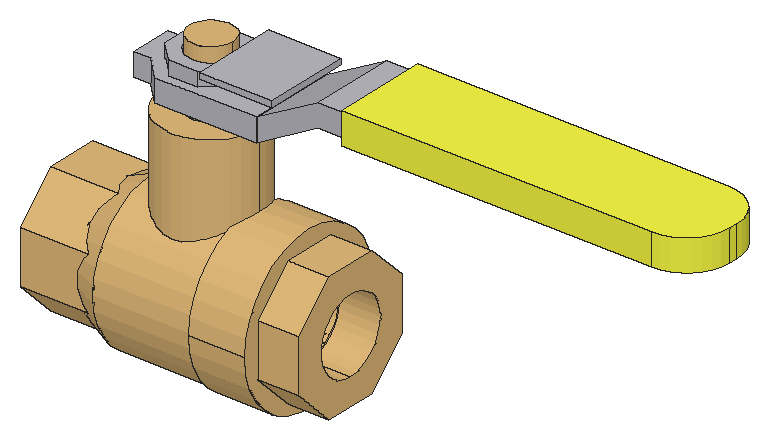
Revit family "420SSLL-Ball-Valve", category Pipe Accessories, Revit 2018
Family settings
  Round Connector Dimension = Use Diameter
  Part Type = Valve - Breaks Into
  OmniClass Number = 23.60.30.11.14
  OmniClass Title = Pipework Fittings
  Work Plane-Based = No
  Always vertical = Yes
  Cut with Voids When Loaded = No
  Shared = No
Parameters
  Weight [instance] = size_lookup(LookupTable, "Weight", "NA", Nominal Diameter)  # "0.3 lbs."
  URL = "http://fnw.com"
  Standards Lookup Table = "Standards"  # constant formula
  Product ID Handle [instance] = size_lookup(LookupTable, "ProductIDHandle", "NA", Nominal Diameter)  # "NA"
  Product ID [instance] = size_lookup(LookupTable, "ProductID", "NA", Nominal Diameter)  # "2886082"
  Pipe Diameter [instance] = size_lookup(Standards Lookup Table, "pipe_dia", 0", Nominal Diameter)  # 0.54"
  Pin [instance] = ([1_Z2] + (Z3 * 2))  # 0.36752"
  Piipe Radius [instance] = Pipe Diameter / 2  # 0.27"
  Part Number Handle [instance] = size_lookup(LookupTable, "PartNumberHandle", "NA", Nominal Diameter)  # "NA"
  Part Number [instance] = size_lookup(LookupTable, "PartNumber", "NA", Nominal Diameter)  # "FNW420SSLLB"
  NPT Insert [instance] = size_lookup(Standards Lookup Table, "NPT_insert", 0", Nominal Diameter)  # 0.4018"
  Manufacturer = "FNW"  # constant formula
  Description BOM Handle [instance] = size_lookup(LookupTable, "Description_BOMHandle", "NA", Nominal Diameter)  # "NA"
  Description BOM [instance] = size_lookup(LookupTable, "Description_BOM", "NA", Nominal Diameter)  # "Not For Potable Use 1/4 BRS 600# Full Port BV LL HDL SS"
  1_Z2 [instance] = size_lookup(LookupTable, "1_Z2", 0", Nominal Diameter)  # 0.1644"
  1_Z1 [instance] = size_lookup(LookupTable, "1_Z1", 0", Nominal Diameter)  # 1/4"
  Z3 [instance] = size_lookup(LookupTable, "Z3", 0", Nominal Diameter)  # 13/128"
  Z2 [instance] = size_lookup(LookupTable, "Z2", 0", Nominal Diameter)  # 1.2356"
  Z1 [instance] = size_lookup(LookupTable, "Z1", 0", Nominal Diameter)  # 1.1106"
  1_Y1 [instance] = size_lookup(LookupTable, "1_Y1", 0", Nominal Diameter)  # 5/8"
  1_X6 [instance] = size_lookup(LookupTable, "1_X6", 0", Nominal Diameter)  # 0"
  1_X5 [instance] = size_lookup(LookupTable, "1_X5", 0", Nominal Diameter)  # 0"
  1_X4 [instance] = size_lookup(LookupTable, "1_X4", 0", Nominal Diameter)  # 5/16"
  1_X1 [instance] = size_lookup(LookupTable, "1_X1", 0", Nominal Diameter)  # 57/64"
  1_X3 [instance] = size_lookup(LookupTable, "1_X3", 0", Nominal Diameter)  # 3.78"
  X7 [instance] = size_lookup(LookupTable, "X7", 0", Nominal Diameter)  # 1.01"
  X6 [instance] = size_lookup(LookupTable, "X6", 0", Nominal Diameter)  # 2.02"
  X5 [instance] = size_lookup(LookupTable, "X5", 0", Nominal Diameter)  # 0.30135"
  X4 [instance] = size_lookup(LookupTable, "X4", 0", Nominal Diameter)  # 0.404"
  X3 [instance] = size_lookup(LookupTable, "X3", 0", Nominal Diameter)  # 0.71285"
  X2 [instance] = size_lookup(LookupTable, "X2", 0", Nominal Diameter)  # 0.2"
  1_X2 [instance] = size_lookup(LookupTable, "1_X2", 0", Nominal Diameter)  # 57/128"
  X1 [instance] = size_lookup(LookupTable, "X1", 0", Nominal Diameter)  # 0.4018"
  Show Lever Clearance [instance] = no
  R3 [instance] = size_lookup(LookupTable, "R3", 0", Nominal Diameter)  # 0.58125"
  R2 [instance] = size_lookup(LookupTable, "R2", 0", Nominal Diameter)  # 0.558"
  R1_Diam [instance] = R1 * 2  # 0.93"
  R1 [instance] = size_lookup(LookupTable, "R1", 0", Nominal Diameter)  # 0.465"
  Nominal Radius [instance] = Nominal Diameter / 2  # 1/8"
  Nominal Diameter [instance] = 1/4"
  LookupTable = "420SSLL-Ball-Valve"  # constant formula
  HexAngle1 [instance] = 135.00°
  D3 [instance] = size_lookup(LookupTable, "D3", 0", Nominal Diameter)  # 1/2"
  D2 [instance] = size_lookup(LookupTable, "D2", 0", Nominal Diameter)  # 5/16"
  D1 [instance] = size_lookup(LookupTable, "D1", 0", Nominal Diameter)  # 0.7125"
Reference planes (in)
  plane 1 "Center (Front/Back)": y = 0
  plane 2: z = 0
  plane 3 "Center (Left/Right)": x = 0
  plane 4 "X7 End": x = -1.01
  plane 5 "D1 Top": z = 1.1106
  plane 6 "D2 Top": z = 1.2356
  plane 7: x = -0.6082
  plane 8: x = -0.4082
  plane 9: x = 0.30465
  plane 10 "Face EXT": x = 0.70865
  plane 11: x = 1.01
  plane 12 "R3 Top": z = 0.58125
  plane 13 "R2 Top": z = 0.558
  plane 14 "R1 Top": z = 0.465
  plane 15: x = 1.01
  plane 16 "Pipe radius": z = 0.27
  plane 17 "NPT": x = -0.6082
  plane 18 "NPT 2": x = 0.6082
  plane 19: z = 1.60312
Forms (in)
  Extrusion 1, solid, material "Brass"
    sketch origin (0, 0, 0) x (1, 0, 0) y (0, 1, 0)
      loop
        circle (0, 0) r 0.15625
    from 1.1106 to 1.60312
  Revolve 2, solid, material "Brass"
    sketch origin (0, 0, 0) x (1, 0, 0) y (0, 0, 1)
      loop
        line (-0.6082, 0.465) -> (-0.6082, 0.27) -> (0.30465, 0.27) -> (0.30465, 0.558) -> (-0.4082, 0.558) -> (-0.6082, 0.465)
      axis (0.30465, 0) -> (-0.6082, 0)
    angle from 0 to 360
  Sweep 3, solid, material "Brass"
    path origin (0, 0, 0) x (1, 0, 0) y (0, 0, 1)
      loop
        line (-1.01, 0) -> (1.01, 0)
    profile origin (0, 0, 0) x (0, 0, 1) y (0, -1, 0)
      loop
        circle (0, 0) r 0.27
      loop
        line (0.19261, 0.465) -> (-0.19261, 0.465) -> (-0.465, 0.19261) -> (-0.465, -0.19261) -> (-0.19261, -0.465) -> (0.19261, -0.465) -> (0.465, -0.19261) -> (0.465, 0.19261) -> (0.19261, 0.465)
  Extrusion 4, solid, material "Brass"
    sketch origin (0, 0, 0) x (0, 1, 0) y (0, 0, 1)
      loop
        circle (0, 0) r 0.58125
      loop
        circle (0, 0) r 0.27
    from 0.30465 to 0.70865
  Extrusion 5, solid, material "Brass"
    sketch origin (0, 0, 0.27) x (-1, 0, 0) y (0, -1, 0)
      loop
        circle (0, 0) r 0.35625
    from 0 to 0.8406
  Extrusion 6, solid, material "Brass", not visible
    sketch origin (-0.6082, 0, 0) x (0, 0, 1) y (0, -1, 0)
      loop
        circle (0, 0) r 0.125
    from 0 to 1.2164
Dimensions and locks (in)
  "X7": plane 4 "X7 End" to plane 3 "Center (Left/Right)"
  "Z1": plane 5 "D1 Top" to plane 2
  "Z2": plane 6 "D2 Top" to plane 2
  "X1": plane 4 "X7 End" to plane 7
  "X2": plane 8 to plane 7
  "X3": plane 9 to plane 8
  "X4": plane 10 "Face EXT" to plane 9
  "X5": plane 11 to plane 10 "Face EXT"
  "R3": plane 12 "R3 Top" to plane 2
  "R2": plane 13 "R2 Top" to plane 2
  "R1": plane 14 "R1 Top" to plane 2
  "Piipe Radius": Revolve 2 sketch curve to plane 2
  "X6": plane 4 "X7 End" to plane 15
  equal spacing: Sweep 3 sketch curve, plane 1 "Center (Front/Back)", Sweep 3 sketch curve  (x4)
  "R1_Diam": Sweep 3 sketch curve to Sweep 3 sketch curve  (x4)
  Sweep 3 to Sweep 3 = 0.93"  (x5)
  "R1_Diam": Sweep 3 to Sweep 3  (x4)
  "Piipe Radius": plane 16 "Pipe radius" to plane 2
  "NPT Insert": plane 4 "X7 End" to plane 17 "NPT"
  "NPT Insert": plane 11 to plane 18 "NPT 2"
  "Pin": plane 19 to plane 6 "D2 Top"
  "D2": diameter of Extrusion 1 sketch curve
  "R3": radius of Extrusion 4 sketch curve
  "Piipe Radius": radius of Extrusion 4 sketch curve
  "Piipe Radius": radius of Sweep 3 sketch curve
  radius of Sweep 3 sketch curve = 0.27"
  "D1": diameter of Extrusion 5 sketch curve
  "Nominal Radius": radius of Extrusion 6 sketch curve
  angle Sweep 3 sketch curve to Sweep 3 sketch curve = 135.00°  (x6)
  angle Sweep 3 to Sweep 3 = 135.00°  (x6)
  aligned and locked: plane 2 to level
  aligned and locked: Extrusion 1 to plane 5 "D1 Top"
  aligned and locked: Revolve 2 sketch curve to plane 13 "R2 Top"
  aligned and locked: plane 7 to Revolve 2 sketch curve
  aligned and locked: Extrusion 4 to plane 9
  aligned and locked: plane 10 "Face EXT" to Extrusion 4
  aligned and locked: Sweep 3 sketch curve to level
  aligned and locked: plane 5 "D1 Top" to Extrusion 5
  aligned and locked: plane 18 "NPT 2" to Extrusion 6
  aligned and locked: plane 19 to Extrusion 1
Automatic sketch dimensions
  plane 4 "X7 End" to Sweep 3 sketch curve = 0"
  Sweep 3 sketch curve to plane 11 = 0"
  plane 1 "Center (Front/Back)" to Extrusion 1 sketch curve = 0"
  Extrusion 1 sketch curve to plane 3 "Center (Left/Right)" = 0"
  Revolve 2 sketch curve to level = 0"
  Revolve 2 sketch curve to plane 8 = 0"
  Revolve 2 sketch curve to plane 9 = 0"
  Revolve 2 sketch curve to plane 14 "R1 Top" = 0"
  plane 4 "X7 End" to Revolve 2 sketch curve = 1.81248"
  plane 11 to Revolve 2 sketch curve = 4.72422"
  Sweep 3 sketch curve to plane 1 "Center (Front/Back)" = 0"
  profile plane to Sweep 3 sketch curve = 0"
  Extrusion 4 sketch curve to Extrusion 4 sketch curve = 0"  (x2)
  Extrusion 4 sketch curve to level = 0"
  Extrusion 4 sketch curve to plane 1 "Center (Front/Back)" = 0"
  plane 1 "Center (Front/Back)" to Extrusion 5 sketch curve = 0"
  Extrusion 5 sketch curve to plane 3 "Center (Left/Right)" = 0"
  Extrusion 6 sketch curve to level = 0"
  Extrusion 6 sketch curve to plane 1 "Center (Front/Back)" = 0"
Nested families (in)
  nested 1: "Nested Lever Lock Yellow - 420SSLL" at (0, 0, 1.2356), D3 <- "D3", Z6 <- "Z3", 1_X1 <- "1_X1", 1_X2 <- "1_X2", 1_X3 <- "1_X3", 1_X4 <- "1_X4", 1_Y1 <- "1_Y1", 1_Z1 <- "1_Z1", 1_Z2 <- "1_Z2", Show Lever Clearance <- "Show Lever Clearance", 1_X5 <- "1_X5", 1_X6 <- "1_X6", Description BOM <- "Description BOM Handle", Part Number <- "Part Number Handle", Product ID <- "Product ID Handle", type "Nested Lever Lock Yellow - 420SSLL"
    with Z6 13/128", Z1_Z2 0.2072", Void_Outer_Radius 3/8", Void_Outer 3/4", Tab_Width 3/8", Tab_Height_Center 1/8", Show Lever Clearance no, Product ID "NA", Part Number "NA", Lock_Tab_Width 7/8", Hypotenuse_Tab_Center 0.25534", Grip_L3 0.2269", Grip_L2 0.19565", Grip_L1 1/32", Description BOM "NA", D3_Half 0.16667", D3 1/2", Clearance Hieght 6", Angle Hex Head 135.00°, Ang_Constraint 39.81°, 1_Z2_Half 0.0822", 1_Z2 0.1644", 1_Z1_Quarter 0.1447", 1_Z1 1/4", 1_Y1_Half 5/16", 1_Y1 5/8", 1_X6_Half 0", 1_X6 0", 1_X5 0", 1_X4 5/16", 1_X3_and_1__Y1_Half 4.0925", 1_X3 3.78", 1_X2_Quarter 0.11133", 1_X2_Half 57/256", 1_X2 57/128", 1_X1 57/64", 0Grip 2 1/8"
Connectors (in)
  piping at (-0.6082, 0, 0), diameter 0.25, driven by "Nominal Diameter"
    settings: on Extrusion 6, index 1, connector inside diameter 24", connector length 0", flow factor 0, pipe flow 0 GPM, pressure drop 0.00 psi, fitting loss kfactor 0, connector angle 0.00°, fixture units 0, engagement length 0", angle of deflection 0.00°, flow configuration 0, flow direction 0, fitting loss method 0, system type 7, joint type 0, gender type 0, connector reference index 2, connector utility 0, adjustable connector no, is connector primary yes, connector description ""
  piping at (0.6082, 0, 0), diameter 0.25, driven by "Nominal Diameter"
    settings: on Extrusion 6, index 2, connector inside diameter 24", connector length 0", flow factor 0, pipe flow 0 GPM, pressure drop 0.00 psi, fitting loss kfactor 0, connector angle 0.00°, fixture units 0, engagement length 0", angle of deflection 0.00°, flow configuration 0, flow direction 0, fitting loss method 0, system type 7, joint type 0, gender type 0, connector reference index 1, connector utility 0, adjustable connector no, is connector primary no, connector description ""
Definition of nested family "Nested Lever Lock Yellow - 420SSLL"
  Parameters (values of type "Nested Lever Lock")
    Z6 [instance] = 1/8"
    Z1_Z2 [instance] = ([1_Z1] + [1_Z2]) / 2  # 11/16"
    Tab_Width [instance] = [1_Y1_Half] + (Grip_L1 * 2)  # 1 1/16"
    Tab_Height_Center [instance] = [1_Z1] / 2  # 5/8"
    Product ID [instance] = ""
    Part Number [instance] = ""
    Lock_Tab_Width [instance] = [1_Y1] + 1/4"  # 2 1/4"
    Hypotenuse_Tab_Center [instance] = sqrt(Tab_Height_Center ^ 2 + [1_X2_Half] ^ 2)  # 0.97628"
    Description BOM [instance] = ""
    Angle 2 = 45.00°
    Ang_Constraint [instance] = 39.81°  # constant formula
    1_Z2 [instance] = 1/8"
    1_Z1_Quarter [instance] = [1_Z1] / 4 + ([1_Z2_Half])  # 3/8"
    1_Z1 [instance] = 1 1/4"
    1_Y1_Half [instance] = [1_Y1] / 2  # 1"
    1_Y1 [instance] = 2"
    1_X6_Half [instance] = [1_X6]  # 1"
    1_X6 [instance] = 1"
    1_X5 [instance] = 1 1/8"
    1_X2_Quarter [instance] = [1_X2] / 4  # 3/8"
    1_X2_Half [instance] = [1_X2] / 2  # 3/4"
    1_X1 [instance] = 2 1/2"
    1_X3_and_1__Y1_Half [instance] = [1_X3] + [1_Y1_Half]  # 13.66198"
    1_X3 [instance] = 12.66198"
    1_X2 [instance] = 1 1/2"
    Void_Outer_Radius [instance] = Void_Outer / 2  # 1 1/16"
    Void_Outer [instance] = [1_Y1] + Grip_L1 * 4  # 2 1/8"
    Show Lever Clearance [instance] = yes
    Grip_L3 [instance] = Grip_L1 + Grip_L2  # 3/16"
    Grip_L1 [instance] = 1/32"  # constant formula
    Grip_L2 [instance] = [1_Z2] + Grip_L1  # 5/32"
    Default Elevation = 48"
    D3_Half [instance] = D3 / 3  # 0.23251"
    D3 [instance] = 0.69752"
    Clearance Hieght [instance] = 6"  # constant formula
    Angle Hex Head [instance] = 135.00°
    1_X4 [instance] = 1"
    1_Z2_Half [instance] = [1_Z2] / 2  # 1/16"
    0Grip [instance] = 2 1/8"  # constant formula
  Reference planes (in)
    plane 1 "Center (Front/Back)": y = 0
    plane 2: z = 0
    plane 3 "Center (Left/Right)": x = 0
    plane 4: z = 0.125
    plane 5: x = -1
    plane 6: x = 12.66198
    plane 7: y = 1
    plane 8: y = -1
    plane 9: x = 1.5
    plane 10: x = 3
    plane 11: z = 1.375
    plane 12: z = 1.25
    plane 13: z = 0.25
    plane 14: z = 1.40625
    plane 15: z = 1.21875
    plane 16: x = 3.15625
    plane 17: y = 1.03125
    plane 18: y = -1.03125
    plane 19: z = -1.125
    plane 20: y = 0.5
    plane 21: y = -0.5
    plane 22: x = -1.125
    plane 23: x = 2.25
    plane 24: z = 0.5
    plane 25: x = 1.875
    plane 26: x = 0.23251
  Forms (in)
    Extrusion 1, solid
      sketch origin (0, 0, 0) x (1, 0, 0) y (0, 1, 0)
        loop
          line (-48, 48) -> (-48, -48) -> (48, -48) -> (48, 48) -> (-48, 48)
      from 0 to -12
    Extrusion 2, solid
      sketch origin (0, 0, 0) x (1, 0, 0) y (0, 0, 1)
        loop
          line (1.5, 0.125) -> (1.5, 0) -> (3, 1.25) -> (4.15625, 1.25) -> (4.15625, 1.375) -> (3, 1.375) -> (1.5, 0.125)
      from -1 to 1
    Extrusion 3, solid
      sketch origin (0, 0, 0) x (1, 0, 0) y (0, 1, 0)
        loop
          line (0.34876, 0.14446) -> (0.14446, 0.34876) -> (-0.14446, 0.34876) -> (-0.34876, 0.14446) -> (-0.34876, -0.14446) -> (-0.14446, -0.34876) -> (0.14446, -0.34876) -> (0.34876, -0.14446) -> (0.34876, 0.14446)
        loop
          circle (0, 0) r 0.23251
      from 0.125 to 0.25
    Extrusion 4, solid
      sketch origin (0, 0, 0) x (1, 0, 0) y (0, 1, 0)
        loop
          line (11.66198, 1.03125) -> (3.15625, 1.03125) -> (3.15625, -1.03125) -> (11.66198, -1.03125)
          arc (11.66198, -1.03125) -> (12.36908, -0.73836) -> (12.66198, -0.03125) r 1
          line (12.66198, -0.03125) -> (12.66198, 0.03125)
          arc (12.66198, 0.03125) -> (12.36908, 0.73836) -> (11.66198, 1.03125) r 1
      from 1.21875 to 1.40625
    Extrusion 5, solid, visible <- "Show Lever Clearance"
      sketch origin (0, 0, 0) x (1, 0, 0) y (0, 1, 0)
        loop
          line (-1, 1) -> (-1, -12.66198)
          arc (-1, -12.66198) -> (8.66048, -8.66048) -> (12.66198, 1) r 13.66198
          line (12.66198, 1) -> (-1, 1)
      from 0 to 6 <- "Clearance Hieght"
    Extrusion 6, solid
      sketch origin (0, 0, 0) x (1, 0, 0) y (0, 1, 0)
        loop
          line (1.5, -1) -> (1.5, 1) -> (-0.5, 1) -> (-1, 0.5) -> (-1, -0.5) -> (-0.5, -1) -> (1.5, -1)
      from 0 to 0.125
    Extrusion 7, solid
      sketch origin (0, 0, 0) x (1, 0, 0) y (0, 1, 0)
        loop
          line (-1.125, 0.5) -> (-1.125, -0.5) -> (-1, -0.5) -> (-1, 0.5) -> (-1.125, 0.5)
      from -1.125 to 0.125
    Extrusion 8, solid
      sketch origin (0, 0, 0) x (1, 0, 0) y (0, 1, 0)
        loop
          line (0.23251, 1) -> (0.23251, -1) -> (1.875, -1) -> (1.875, 1) -> (0.23251, 1)
      from 0.25 to 0.5
  Cuts and joins
    joined: Extrusion 6, Extrusion 7
  Lines and regions (in)
    reference lines
      curve 1: line (0, 0, 3.39657) -> (0, 0, -1.625)
  Dimensions and locks (in)
    "1_Z2": plane 4 to plane 2
    "1_X4": plane 3 "Center (Left/Right)" to plane 5
    "1_X3": plane 6 to plane 3 "Center (Left/Right)"
    equal spacing: plane 7, plane 1 "Center (Front/Back)", plane 8
    "1_Y1": plane 7 to plane 8
    "1_X1": plane 9 to plane 5
    "1_X2": plane 10 to plane 9
    "1_Z1": plane 11 to plane 4
    "1_Z2": plane 11 to plane 12
    equal spacing: Extrusion 3 sketch curve, curve 1, Extrusion 3 sketch curve  (x4)
    "D3": Extrusion 3 sketch curve to Extrusion 3 sketch curve  (x4)
    "Z6": plane 13 to plane 4
    "Grip_L1": plane 14 to plane 11
    "Grip_L2": plane 11 to plane 15
    "Grip_L2": plane 16 to plane 10
    "Grip_L1": plane 8 to plane 18
    "Grip_L1": plane 17 to plane 7
    "1_Y1_Half": plane 16 to Extrusion 2
    "1_X3_and_1__Y1_Half": Extrusion 5 sketch curve to Extrusion 5 sketch curve  (x2)
    equal spacing: Extrusion 6 sketch curve, plane 1 "Center (Front/Back)", Extrusion 6 sketch curve
    "1_Y1_Half": Extrusion 6 sketch curve to Extrusion 6 sketch curve
    "1_X5": plane 2 to plane 19
    equal spacing: plane 21, plane 1 "Center (Front/Back)", plane 20
    "1_Y1_Half": plane 21 to plane 20
    "1_Z2": plane 5 to plane 22
    "1_X2_Half": plane 23 to plane 9
    "Hypotenuse_Tab_Center": nested 1 to Extrusion 2
    "1_X2_Quarter": plane 25 to plane 9
    "1_Z1_Quarter": plane 24 to plane 4
    "D3_Half": plane 26 to plane 3 "Center (Left/Right)"
    equal spacing: Extrusion 8 sketch curve, plane 1 "Center (Front/Back)", Extrusion 8 sketch curve
    "D3_Half": radius of Extrusion 3 sketch curve
    "1_Y1_Half": radius of Extrusion 4 sketch curve  (x2)
    "1_X3_and_1__Y1_Half": radius of Extrusion 5 sketch curve
    "Angle Hex Head": angle Extrusion 3 sketch curve to Extrusion 3 sketch curve  (x6)
    "Angle 2": angle plane 5 to Extrusion 6 sketch curve
    "Angle 2": angle Extrusion 6 sketch curve to plane 5
    aligned and locked: plane 2 to Extrusion 1
    aligned and locked: level to Extrusion 1
    aligned and locked: plane 10 to Extrusion 2 sketch curve
    aligned and locked: plane 12 to Extrusion 2 sketch curve
    aligned and locked: plane 11 to Extrusion 2 sketch curve
    aligned and locked: curve 1 to plane 3 "Center (Left/Right)"
    aligned and locked: plane 4 to Extrusion 3
    aligned and locked: Extrusion 3 to plane 13
    aligned and locked: Extrusion 4 sketch curve to plane 16
    aligned and locked: Extrusion 4 sketch curve to plane 18
    aligned and locked: plane 17 to Extrusion 4 sketch curve
    aligned and locked: Extrusion 4 to plane 15
    aligned and locked: Extrusion 4 to plane 14
    aligned and locked: Extrusion 2 to plane 8
    aligned and locked: plane 7 to Extrusion 2
    aligned and locked: Extrusion 2 sketch curve to plane 9
    aligned and locked: plane 9 to Extrusion 6 sketch curve
    aligned and locked: Extrusion 6 sketch curve to plane 5
    aligned and locked: Extrusion 6 to plane 4
    aligned and locked: Extrusion 7 sketch curve to plane 21
    aligned and locked: plane 20 to Extrusion 7 sketch curve
    aligned and locked: plane 19 to Extrusion 7
    aligned and locked: Extrusion 7 to plane 4
    aligned and locked: plane 1 "Center (Front/Back)" to nested 1
    aligned and locked: Extrusion 8 sketch curve to plane 7
    aligned and locked: Extrusion 8 to plane 24
    aligned and locked: plane 13 to Extrusion 8
    aligned and locked: Extrusion 8 to plane 26
    aligned and locked: plane 25 to Extrusion 8
  Automatic sketch dimensions
    Extrusion 1 sketch curve to Extrusion 1 sketch curve = 96"  (x2)
    Extrusion 7 sketch curve to plane 5 = 1/8"
    Extrusion 7 sketch curve to plane 5 = 0"
    plane 19 to curve 1 = 1/2"
    plane 14 to curve 1 = 1.99032"
    plane 26 to Extrusion 8 sketch curve = 0"
    plane 9 to Extrusion 8 sketch curve = 3/8"
    Extrusion 2 sketch curve to plane 10 = 0"
    Extrusion 2 sketch curve to level = 0"
    Extrusion 2 sketch curve to plane 4 = 0"
    plane 16 to Extrusion 2 sketch curve = 1"
    plane 1 "Center (Front/Back)" to Extrusion 3 sketch curve = 0"
    Extrusion 3 sketch curve to plane 3 "Center (Left/Right)" = 0"
    Extrusion 4 sketch curve to plane 6 = 0"
    Extrusion 5 sketch curve to plane 5 = 0"
    Extrusion 5 sketch curve to plane 7 = 0"
    Extrusion 6 sketch curve to plane 8 = 0"
    Extrusion 6 sketch curve to plane 7 = 0"
  Nested families (in)
    nested 1: "Nest _Lock_Tab" at (2.18852, 0, 0.69877) x (0.7682, 0, 0.6402) z (-0.6402, 0, 0.7682), Width <- "Tab_Width", Height <- "1_Z2_Half", 1_X6 <- "1_X6", type "Nest _Lock_Tab"
      with Width 1 1/16", Height 2 0.1375", Height 1/16", 1_X6 1"
  Definition of nested family "Nest _Lock_Tab"
    Parameters (values of type "Nest _Lock_Tab")
      Width [instance] = 1"
      Height 2 [instance] = Height * 2.2  # 0.55"
      Height [instance] = 1/4"
      Default Elevation = 48"
      1_X6 [instance] = 1"
    Reference planes (in)
      plane 1 "Center (Front/Back)": y = 0
      plane 2: z = 0
      plane 3 "Center (Left/Right)": x = 0
      plane 4: x = -0.5
      plane 5: x = 0.5
      plane 6: y = 1
      plane 7: y = -1
      plane 8: z = 0.25
      plane 9: z = -0.55
      plane 10 "lock": through (-0.76817, -180, 0.64024) normal (0.6402, 0, 0.7682)
    Forms (in)
      Extrusion 1, solid
        sketch origin (0, 0, 0) x (1, 0, 0) y (0, 1, 0)
          loop
            line (-48, 48) -> (-48, -48) -> (48, -48) -> (48, 48) -> (-48, 48)
        from 0 to -12
      Extrusion 2, solid
        sketch origin (0, 0, 0) x (1, 0, 0) y (0, 1, 0)
          loop
            line (-0.5, 1) -> (-0.5, -1) -> (0.5, -1) -> (0.5, 1) -> (-0.5, 1)
        from -0.55 to 0.25
    Lines and regions (in)
      reference lines
        curve 1: line (-1.89132, 0, 0) -> (2.85868, 0, 0)
        curve 2: line (0, 5.22872, 0) -> (0, -6.82287, 0)
        curve 3: line (0, 0, 0) -> (-0.76817, 0, 0.64024)
    Dimensions and locks (in)
      equal spacing: plane 4, plane 3 "Center (Left/Right)", plane 5
      "1_X6": plane 4 to plane 5
      equal spacing: plane 6, plane 1 "Center (Front/Back)", plane 7
      "Width": plane 6 to plane 1 "Center (Front/Back)" to plane 7
      "Height": plane 8 to plane 2
      "Height 2": plane 2 to plane 9
      angle curve 3 to curve 1 = 39.81°
      aligned and locked: plane 2 to Extrusion 1
      aligned and locked: level to Extrusion 1
      aligned and locked: plane 4 to Extrusion 2 sketch curve
      aligned and locked: Extrusion 2 sketch curve to plane 5
      aligned and locked: Extrusion 2 sketch curve to plane 6
      aligned and locked: Extrusion 2 sketch curve to plane 7
      aligned and locked: Extrusion 2 to plane 9
      aligned and locked: plane 8 to Extrusion 2
      aligned and locked: curve 1 to plane 2
      aligned and locked: curve 2 to plane 3 "Center (Left/Right)"
    Automatic sketch dimensions
      Extrusion 1 sketch curve to Extrusion 1 sketch curve = 96"  (x2)
      plane 7 to curve 2 = 5.82287"
      plane 6 to curve 2 = 4.22872"
      curve 3 to plane 3 "Center (Left/Right)" = 0"
      curve 1 to curve 3 = 1.12315"
